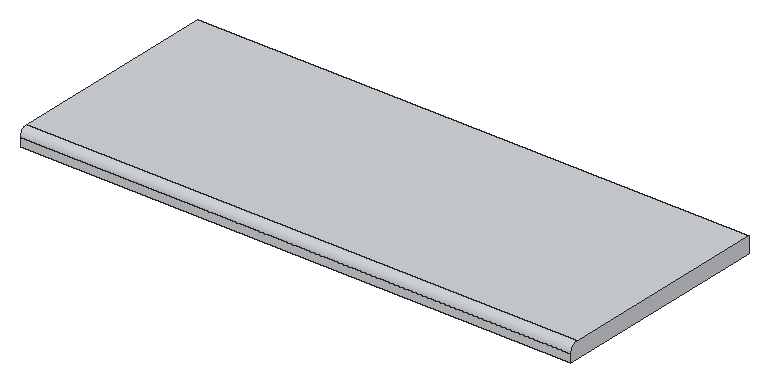
Revit family "Cab_Counter_NoSplash", category Casework, Revit 2019
Family settings
  Work Plane-Based = Yes
  Always vertical = Yes
  Cut with Voids When Loaded = Yes
  Shared = No
  Room Calculation Point = No
Parameters
  oW = 4' - 4"
  oH = 0' - 1 1/2"
  oD = 1' - 8.9075"
  f = oH - 0' 0 3/4"  # 0' - 0 3/4"
  Default Elevation = 4' - 0"
Reference planes (in)
  plane 1 "Center (Front/Back)": y = 0
  plane 2: z = 0
  plane 3 "Center (Left/Right)": x = 0
  plane 4: y = -20.9075
  plane 5: x = -26
  plane 6: x = 26
  plane 7: z = -1.5
  plane 8: z = -0.75
  plane 9: y = -20.1575
Forms (in)
  Sweep 1, solid
    path origin (0, 0, 0) x (1, 0, 0) y (0, 1, 0)
      loop
        line (-26, 0) -> (26, 0)
    profile origin (0, 0, 0) x (0, 1, 0) y (0, 0, 1)
      loop
        line (0, 0) -> (-20.1575, 0)
        arc (-20.1575, 0) -> (-20.68783, -0.21967) -> (-20.9075, -0.75) r 0.75
        line (-20.9075, -0.75) -> (-20.9075, -1.5) -> (0, -1.5) -> (0, 0)
Dimensions and locks (in)
  equal spacing: plane 5, plane 3 "Center (Left/Right)", plane 6
  "oW": plane 5 to plane 6
  "oD": plane 4 to plane 1 "Center (Front/Back)"
  locked: plane 8 to plane 7 at 0.75
  "f": plane 4 to plane 9
  "oH": level to plane 7
  aligned and locked: plane 2 to level
  aligned and locked: plane 6 to Sweep 1 sketch curve
  aligned and locked: plane 1 "Center (Front/Back)" to Sweep 1 sketch curve
  aligned and locked: plane 5 to Sweep 1 sketch curve
  aligned and locked: profile plane to Sweep 1 sketch curve
  aligned and locked: Sweep 1 sketch curve to profile plane
  aligned and locked: Sweep 1 sketch curve to plane 4
  aligned and locked: Sweep 1 sketch curve to plane 7
  aligned and locked: nested 1 to plane 9
  aligned and locked: plane 1 "Center (Front/Back)" to nested 1
  aligned and locked: nested 1 to plane 8
Automatic sketch dimensions
  Sweep 1 sketch curve to level = 0' - 0 3/4"
Nested families (in)
  nested 1: "Plywood" at (0, -20.1575, -0.75) x (0, 1, 0) z (1, 0, 0), type "Plywood", detail levels fine
    with built-in parameter 1001306 1.6798 (stored number, unit not read)
Definition of nested family "Plywood"
  Parameters (values of type "Plywood")
    oD = 0' - 0 3/4"
    built-in parameter 1001306 [instance] = 4' - 0"
  Reference planes (in)
    plane 1 "Center (Front/Back)": y = 0
    plane 2: z = 0
    plane 3 "Left": x = 0
    plane 4 "Right": x = 48
    plane 5: y = -0.75
  Lines and regions (in)
    Filled region 1, type "SKA Plywood Horizontal TR", in view "Ref. Level"
      outline origin (0, 0, 0) x (1, 0, 0) y (0, 1, 0)
        loop
          line (0, 0) -> (0, -0.75) -> (48, -0.75) -> (48, 0) -> (0, 0)
    reference lines, in view "Ref. Level"
      curve 1: line (0, 0, 0) -> (48, 0, 0)
  Dimensions and locks (in)
    "built-in parameter 1001306": plane 3 "Left" to plane 4 "Right"
    "oD": plane 5 to plane 1 "Center (Front/Back)"
    aligned and locked: plane 1 "Center (Front/Back)" to curve 1
    aligned and locked: plane 4 "Right" to curve 1
    aligned and locked: plane 3 "Left" to curve 1
    aligned and locked: Filled region 1 sketch curve to curve 1
    aligned and locked: plane 3 "Left" to Filled region 1 sketch curve
    aligned and locked: plane 5 to Filled region 1 sketch curve
    aligned and locked: plane 4 "Right" to Filled region 1 sketch curve
